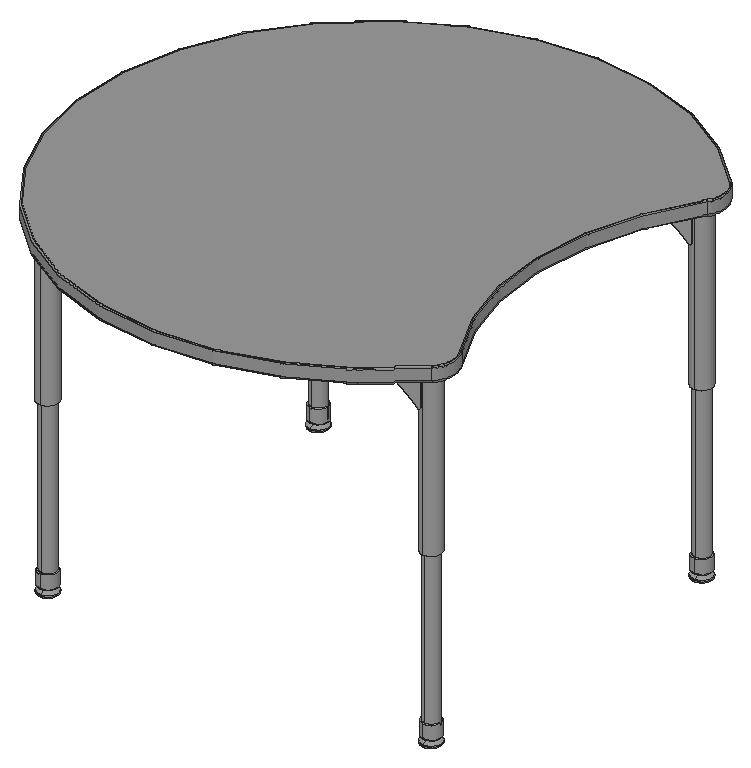
Revit family "Hierarchy Bite Table", category Furniture, Revit 2018
Family settings
  Work Plane-Based = No
  Always vertical = Yes
  Cut with Voids When Loaded = No
  Shared = No
  Room Calculation Point = No
Parameters
  Table Height = 2' - 5"
  Surface = Hierarchy Bite Table Surface
  Leg Finish = Hierarchy Leg Platinum
  Edgeband = Hierarchy Bite Table Edgeband
  Caster/Glide = Hierarchy Leg - Glide : Hierarchy Leg - Glide
Reference planes (in)
  plane 1 "Center (Front/Back)": y = 0
  plane 2: z = 0
  plane 3 "Center (Left/Right)": x = 0
  plane 4: z = 29
Dimensions and locks (in)
  "Table Height": plane 4 to level
  aligned and locked: plane 2 to level
  aligned and locked: nested 3 to plane 4
Nested families (in)
  nested 1: "Hierarchy Leg - Glide" at (-16.659, -14.5495, 0) x (-0.0767, 0.9971, 0) z (0, 0, 1), type <- "Caster/Glide", Leg Finish <- "Leg Finish", Leg Height <- "Table Height", type "Hierarchy Leg - Glide"
  nested 2: "Hierarchy Leg - Glide" at (16.41904, -14.5495, 0) x (-0.0767, -0.9971, 0) z (0, 0, 1), Leg Finish <- "Leg Finish", Leg Height <- "Table Height", type "Hierarchy Leg - Glide"
    with Leg Height 2' - 5", Leg Finish Hierarchy Leg Platinum
  nested 3: "Hierarchy Bite Tabletop" at (0, 0, 5.075), type "Hierarchy Bite Tabletop"
  nested 4: "Hierarchy Leg - Glide" at (-16.659, 14.61915, 0) x (-0.0767, -0.9971, 0) z (0, 0, 1), type <- "Caster/Glide", Leg Finish <- "Leg Finish", Leg Height <- "Table Height", type "Hierarchy Leg - Glide"
  nested 5: "Hierarchy Leg - Glide" at (16.41904, 14.61915, 0) x (-0.0767, 0.9971, 0) z (0, 0, 1), Leg Finish <- "Leg Finish", Leg Height <- "Table Height", type "Hierarchy Leg - Glide"
    with Leg Height 2' - 5", Leg Finish Hierarchy Leg Platinum
Definition of nested family "Hierarchy Leg - Glide"
  Parameters (values of type "Hierarchy Leg - Glide")
    Leg Finish [instance] = none
    Leg Height [instance] = 2' - 5"
  Reference planes (in)
    plane 1 "Center (Front/Back)": y = 0
    plane 2: z = 0
    plane 3 "Center (Left/Right)": x = 0
  Forms (in)
    Extrusion 1, solid
      sketch origin (-0.01562, 0, 0) x (1, 0, 0) y (0, 1, 0)
        loop
          circle (0.01563, 0) r 0.67016
      from 0.67618 to 16.17618
    Revolve 2, solid
      sketch origin (0, 0, 0) x (1, 0, 0) y (0, 0, 1)
        loop
          line (-0.73189, 1.80118) -> (-0.79439, 1.73867) -> (-0.79439, 0.61381) -> (-0.73176, 0.55118) -> (-0.125, 0.55118) -> (-0.125, 0.42618) -> (-0.84656, 0.16241) -> (-0.84656, 0.08994) -> (-0.81359, 0) -> (0, 0) -> (0, 1.80118) -> (-0.73189, 1.80118)
        axis (0, 1.80118) -> (0, 0)
      angle from 0 to 360
  Dimensions and locks (in)
    "Leg Height": nested 1 to level
    aligned and locked: plane 2 to level
  Automatic sketch dimensions
    plane 1 "Center (Front/Back)" to Extrusion 1 sketch curve = 0' - 0"
    Extrusion 1 sketch curve to plane 3 "Center (Left/Right)" = 0' - 0"
    Revolve 2 sketch curve to level = 0' - 0"
    Revolve 2 sketch curve to plane 3 "Center (Left/Right)" = 0' - 0"  (x2)
    Revolve 2 sketch curve to plane 3 "Center (Left/Right)" = 0' - 0 1/8"
    Revolve 2 sketch curve to Revolve 2 sketch curve = 0' - 0.60676"
    Revolve 2 sketch curve to Revolve 2 sketch curve = 0' - 0.73189"
    Revolve 2 sketch curve to Revolve 2 sketch curve = 0' - 0.06263"  (x2)
    Revolve 2 sketch curve to Revolve 2 sketch curve = 0' - 0.08183"
    Revolve 2 sketch curve to Revolve 2 sketch curve = 0' - 0.03297"
    level to Revolve 2 sketch curve = 0' - 0.08994"
    Revolve 2 sketch curve to Revolve 2 sketch curve = 0' - 0.07247"
    level to Revolve 2 sketch curve = 0' - 0.42618"
    Revolve 2 sketch curve to Revolve 2 sketch curve = 0' - 0 1/8"
    Revolve 2 sketch curve to Revolve 2 sketch curve = 0' - 1.12486"
    Revolve 2 sketch curve to Revolve 2 sketch curve = 0' - 0 1/16"
    Revolve 2 sketch curve to level = 2' - 0"
    Revolve 2 sketch curve to Revolve 2 sketch curve = 8' - 4.91764"
    radius of Extrusion 1 sketch curve = 0' - 0.67016"
  Nested families (in)
    nested 1: "Hierarchy Upper Leg 2023" at (0, 0, 1.19783), Shapes Leg Finish <- "Leg Finish", type "Hierarchy Upper Leg 2023"
      with Shapes Leg Finish none
  Definition of nested family "Hierarchy Upper Leg 2023"
    Parameters (values of type "Hierarchy Upper Leg 2023")
      Shapes Leg Finish [instance] = none
    Reference planes (in)
      plane 1 "Center (Front/Back)": y = 0
      plane 2: z = 0
      plane 3 "Center (Left/Right)": x = 0
    Forms (in)
      Extrusion 1, solid, material <- "Shapes Leg Finish"
        sketch origin (0, 0, 0) x (1, 0, 0) y (0, 1, 0)
          loop
            circle (0, 0) r 0.84802
        from 13.67618 to 27.67618
      Extrusion 2, solid, material <- "Shapes Leg Finish"
        sketch origin (0, 0, 0) x (1, 0, 0) y (0, 1, 0)
          loop
            line (-1.70174, 0.19183) -> (-2.88626, -2.26116)
            arc (-2.88626, -2.26116) -> (-2.83993, -3.09822) -> (-2.1063, -3.50394) r 0.86614
            line (-2.1063, -3.50394) -> (2.1063, -3.50394)
            arc (2.1063, -3.50394) -> (2.83993, -3.09822) -> (2.88626, -2.26116) r 0.86614
            line (2.88626, -2.26116) -> (1.70174, 0.19183)
            arc (1.70174, 0.19183) -> (0, 1.25984) -> (-1.70174, 0.19183) r 1.88976
        from 27.67618 to 27.80217
      Extrusion 3, solid, material <- "Shapes Leg Finish"
        sketch origin (-1.48519, 8.66524, 0) x (-0.434844, 0.900506, 0) y (0, 0, 1)
          loop
            line (-9.01425, 27.67618) -> (-11.80952, 27.67618)
            arc (-11.80952, 27.67618) -> (-11.92325, 27.58993) -> (-11.87088, 27.45715) r 0.11811
            arc (-11.87088, 27.45715) -> (-10.39364, 26.29679) -> (-9.23328, 24.81955) r 7.87402
            arc (-9.23328, 24.81955) -> (-9.1005, 24.76717) -> (-9.01425, 24.88091) r 0.11811
            line (-9.01425, 24.88091) -> (-9.01425, 27.67618)
        from -1.94075 to -1.81476
      Extrusion 4, solid, material <- "Shapes Leg Finish"
        sketch origin (1.48519, 8.66524, 0) x (0.434844, 0.900506, 0) y (0, 0, -1)
          loop
            line (-9.01425, -27.67618) -> (-9.01425, -24.88091)
            arc (-9.01425, -24.88091) -> (-9.1005, -24.76717) -> (-9.23328, -24.81955) r 0.11811
            arc (-9.23328, -24.81955) -> (-10.39364, -26.29679) -> (-11.87088, -27.45715) r 7.87402
            arc (-11.87088, -27.45715) -> (-11.92325, -27.58993) -> (-11.80952, -27.67618) r 0.11811
            line (-11.80952, -27.67618) -> (-9.01425, -27.67618)
        from -1.94075 to -1.81476
    Dimensions and locks (in)
      aligned and locked: plane 2 to level
Definition of nested family "Hierarchy Bite Tabletop"
  Parameters (values of type "Hierarchy Bite Tabletop")
    Surface = none
    Edgeband = none
  Reference planes (in)
    plane 1 "Center (Front/Back)": y = 0
    plane 2: z = 0
    plane 3 "Center (Left/Right)": x = 0
  Forms (in)
    Extrusion 1, solid, material <- "Surface"
      sketch origin (0, 0, 0) x (1, 0, 0) y (0, 1, 0)
        loop
          arc (17.68208, 16.07729) -> (-23.89844, 0) -> (17.68208, -16.07729) r 23.89844
          arc (17.68208, -16.07729) -> (18.26673, -14.72235) -> (17.89633, -13.2939) r 2.27344
          arc (17.89633, -13.2939) -> (13.89844, 0) -> (17.89633, 13.2939) r 24.10156
          arc (17.89633, 13.2939) -> (18.26673, 14.72235) -> (17.68208, 16.07729) r 2.27344
      from 23.925 to 25.125
    Sweep 2, solid, material <- "Edgeband"
      path origin (0, 0, 0) x (1, 0, 0) y (0, 1, 0)
        loop
          arc (17.68208, 16.07729) -> (-23.89844, 0) -> (17.68208, -16.07729) r 23.89844
          arc (17.68208, -16.07729) -> (18.26673, -14.72235) -> (17.89633, -13.2939) r 2.27344
          arc (17.89633, -13.2939) -> (13.89844, 0) -> (17.89633, 13.2939) r 24.10156
          arc (17.89633, 13.2939) -> (18.26673, 14.72235) -> (17.68208, 16.07729) r 2.27344
      profile origin (-23.89844, 0, 0) x (1, 0, 0) y (0, 0, 1)
        loop
          arc (0, 25.125) -> (-0.07071, 25.09571) -> (-0.1, 25.025) r 0.1
          line (-0.1, 25.025) -> (-0.1, 24.025)
          arc (-0.1, 24.025) -> (-0.07071, 23.95429) -> (0, 23.925) r 0.1
          line (0, 23.925) -> (0, 25.125)
  Dimensions and locks (in)
    aligned and locked: plane 2 to level
